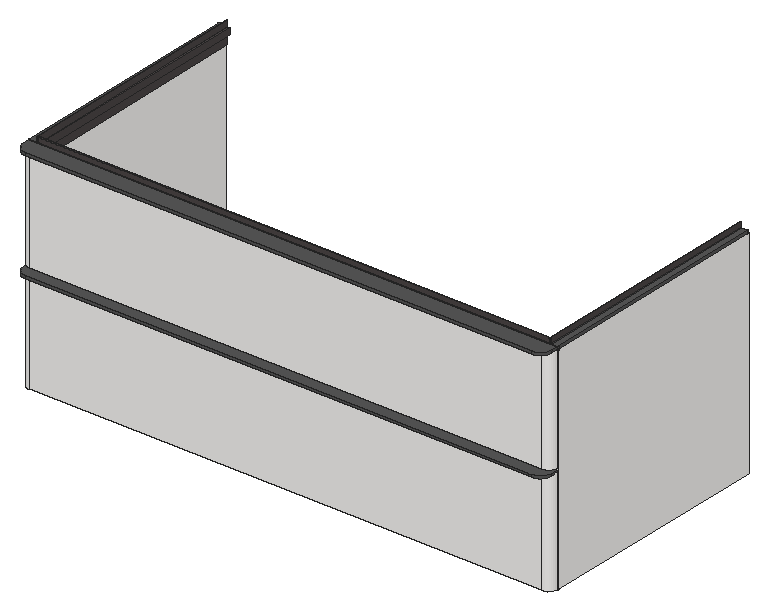
Revit family "vanity unit with 2 drawers for consoles with bowl", category Furniture, Revit 2019 (continued)
  Vanity unit 780_550 with 2 drawers for consoles with bowl-54075670-Diamond Matt Grey-MATT_BLACK-400 | "31.3" | no | no | no | no | no | no | no | no | no | no | no | no | no | no | no | no | no | no | no | no | no | no | no | no | no | no | no | no | no | no | no | no | no | no | no | no | no | no | yes | no | no | no | no | no | no | no | no | no | no | no | no | no | no | no | no | no | no | no | no | no | no | no | no | no | no | no | no | no | no | no | no | no | "MATT_BLACK" | "https://pro.hansgrohe.com/articledetail--54075000" | "54075XXX" | "Diamond Matt Grey" | "Vanity unit 780/550 with 2 drawers for consoles with bowl-54075670-Diamond Matt Grey-MATT_BLACK-400" | "Xelu Q Vanity unit Diamond Matt Grey 780/550 with 2 drawers for consoles with bowl" | "Vanity unit 780/550 with 2 drawers for consoles with bowl-54075670-Diamond Matt Grey-MATT_BLACK-400" | "{$CADENAS_DATA/23d-libs/hansgrohe/xelu_furniture/vanity_unit_2_drawers_for_consoles_with_bowl/vanity_unit_2_drawers_for_consoles_with_bowl.prj},390 {VTYP=3D},{NB=Vanity unit 780/550 with 2 drawers for consoles with bowl-54075670-Diamond Matt Grey-MATT_BLACK-400},{LINA=Vanity unit 780/550 with 2 drawers for consoles with bowl-54075670-Diamond Matt Grey-MATT_BLACK-400},{NN=Vanity unit with 2 drawers for consoles with bowl},{DATE=13.03.2023 03:03:55},{GEOMDATE=08.03.2023 13:53:52},{VERSION=},{LINEID=300},{WBVAR=LODLEVEL},{WBNUMERIC=}  {NB=Vanity unit 780/550 with 2 drawers for consoles with bowl-54075670-Diamond Matt Grey-MATT_BLACK-400},{LINA=Vanity unit 780/550 with 2 drawers for consoles with bowl-54075670-Diamond Matt Grey-MATT_BLACK-400},{KT=DUMMY},{IDNR=6},{ARTNR=54075670},{BASENUMBER=Vanity unit 780/550 with 2 drawers for consoles with bowl},{MODEL=54075XXX},{OBERFLAECHE=Diamond Matt Grey},{SURFACE=MATT_BLACK},{L=780},{LODLEVEL=400},{LODLEVELX='400','400','200','200'},{NAME=Xelu Q Vanity unit Diamond Matt Grey 780/550 with 2 drawers for consoles with bowl},{PERMALINK=54075XXX},{OBJECTTYPE=Object (single object)},{BIMOBJECT=Sanitary: Compound units},{PRODUCTFAMILY=Xelu Q},{PRODUCTGROUP=vanity unit},{WEIGHT=31.3},{DESCRIPTION=Xelu Q Vanity unit Diamond Matt Grey 780/550 with 2 drawers for consoles with bowl},{SPECIFICATION=},{PRODUCTURL=https://pro.hansgrohe.com/articledetail--54075000},{GTINCODE=4059625456507},{TENDERURL=},{IFC=Furnishing element},{ETIM=EC011381 | Bathroom furniture set},{UNICLASS2015=Pr_40_30_78_05 | Bathroom furniture},{OMNICLASS=23-21 19 15 33 13 | Residential Bathroom Specialty Casework},{MASTERFORMAT=12 35 30.23 | Bathroom Casework},{UNSPSC=56 | Furniture and Furnishings},{UNIFORMATII=E2010 | Fixed Furnishings},{DESIGN=Germany},{MANUFACTURER=Germany},{REGIONSET=Worldwide}" | "400" | "Vanity unit 780/550 with 2 drawers for consoles with bowl-54075670-Diamond Matt Grey-MATT_BLACK-400" | 780 | "4059625456507" | "Vanity unit 780/550 with 2 drawers for consoles with bowl" | "54075670"
  Vanity unit 780_550 with 2 drawers for consoles with bowl-54075700-Diamond Matt Grey-MATT_WHITE-200 | "31.3" | no | no | no | no | no | no | no | no | no | no | no | no | no | no | no | no | no | no | no | no | no | no | no | no | no | no | no | no | no | no | no | no | no | no | no | no | no | yes | no | no | no | no | no | no | no | no | no | no | no | no | no | no | no | no | no | no | no | no | no | no | no | no | no | no | no | no | no | no | no | no | no | no | "MATT_WHITE" | "https://pro.hansgrohe.com/articledetail--54075000" | "54075XXX" | "Diamond Matt Grey" | "Vanity unit 780/550 with 2 drawers for consoles with bowl-54075700-Diamond Matt Grey-MATT_WHITE-200" | "Xelu Q Vanity unit Diamond Matt Grey 780/550 with 2 drawers for consoles with bowl" | "Vanity unit 780/550 with 2 drawers for consoles with bowl-54075700-Diamond Matt Grey-MATT_WHITE-200" | "{$CADENAS_DATA/23d-libs/hansgrohe/xelu_furniture/vanity_unit_2_drawers_for_consoles_with_bowl/vanity_unit_2_drawers_for_consoles_with_bowl.prj},390 {VTYP=3D},{NB=Vanity unit 780/550 with 2 drawers for consoles with bowl-54075700-Diamond Matt Grey-MATT_WHITE-200},{LINA=Vanity unit 780/550 with 2 drawers for consoles with bowl-54075700-Diamond Matt Grey-MATT_WHITE-200},{NN=Vanity unit with 2 drawers for consoles with bowl},{DATE=13.03.2023 03:03:55},{GEOMDATE=08.03.2023 13:53:52},{VERSION=},{LINEID=290},{WBVAR=LODLEVEL},{WBNUMERIC=}  {NB=Vanity unit 780/550 with 2 drawers for consoles with bowl-54075700-Diamond Matt Grey-MATT_WHITE-200},{LINA=Vanity unit 780/550 with 2 drawers for consoles with bowl-54075700-Diamond Matt Grey-MATT_WHITE-200},{KT=DUMMY},{IDNR=5},{ARTNR=54075700},{BASENUMBER=Vanity unit 780/550 with 2 drawers for consoles with bowl},{MODEL=54075XXX},{OBERFLAECHE=Diamond Matt Grey},{SURFACE=MATT_WHITE},{L=780},{LODLEVEL=200},{LODLEVELX='400','400','200','200'},{NAME=Xelu Q Vanity unit Diamond Matt Grey 780/550 with 2 drawers for consoles with bowl},{PERMALINK=54075XXX},{OBJECTTYPE=Object (single object)},{BIMOBJECT=Sanitary: Compound units},{PRODUCTFAMILY=Xelu Q},{PRODUCTGROUP=vanity unit},{WEIGHT=31.3},{DESCRIPTION=Xelu Q Vanity unit Diamond Matt Grey 780/550 with 2 drawers for consoles with bowl},{SPECIFICATION=},{PRODUCTURL=https://pro.hansgrohe.com/articledetail--54075000},{GTINCODE=4059625456507},{TENDERURL=},{IFC=Furnishing element},{ETIM=EC011381 | Bathroom furniture set},{UNICLASS2015=Pr_40_30_78_05 | Bathroom furniture},{OMNICLASS=23-21 19 15 33 13 | Residential Bathroom Specialty Casework},{MASTERFORMAT=12 35 30.23 | Bathroom Casework},{UNSPSC=56 | Furniture and Furnishings},{UNIFORMATII=E2010 | Fixed Furnishings},{DESIGN=Germany},{MANUFACTURER=Germany},{REGIONSET=Worldwide}" | "200" | "Vanity unit 780/550 with 2 drawers for consoles with bowl-54075700-Diamond Matt Grey-MATT_WHITE-200" | 780 | "4059625456507" | "Vanity unit 780/550 with 2 drawers for consoles with bowl" | "54075700"
  Vanity unit 780_550 with 2 drawers for consoles with bowl-54075700-Diamond Matt Grey-MATT_WHITE-400 | "31.3" | no | no | no | no | no | no | no | no | no | no | no | no | no | no | no | no | no | no | no | no | no | no | no | no | no | no | no | no | no | no | no | no | no | no | no | no | yes | no | no | no | no | no | no | no | no | no | no | no | no | no | no | no | no | no | no | no | no | no | no | no | no | no | no | no | no | no | no | no | no | no | no | no | "MATT_WHITE" | "https://pro.hansgrohe.com/articledetail--54075000" | "54075XXX" | "Diamond Matt Grey" | "Vanity unit 780/550 with 2 drawers for consoles with bowl-54075700-Diamond Matt Grey-MATT_WHITE-400" | "Xelu Q Vanity unit Diamond Matt Grey 780/550 with 2 drawers for consoles with bowl" | "Vanity unit 780/550 with 2 drawers for consoles with bowl-54075700-Diamond Matt Grey-MATT_WHITE-400" | "{$CADENAS_DATA/23d-libs/hansgrohe/xelu_furniture/vanity_unit_2_drawers_for_consoles_with_bowl/vanity_unit_2_drawers_for_consoles_with_bowl.prj},390 {VTYP=3D},{NB=Vanity unit 780/550 with 2 drawers for consoles with bowl-54075700-Diamond Matt Grey-MATT_WHITE-400},{LINA=Vanity unit 780/550 with 2 drawers for consoles with bowl-54075700-Diamond Matt Grey-MATT_WHITE-400},{NN=Vanity unit with 2 drawers for consoles with bowl},{DATE=13.03.2023 03:03:55},{GEOMDATE=08.03.2023 13:53:52},{VERSION=},{LINEID=290},{WBVAR=LODLEVEL},{WBNUMERIC=}  {NB=Vanity unit 780/550 with 2 drawers for consoles with bowl-54075700-Diamond Matt Grey-MATT_WHITE-400},{LINA=Vanity unit 780/550 with 2 drawers for consoles with bowl-54075700-Diamond Matt Grey-MATT_WHITE-400},{KT=DUMMY},{IDNR=5},{ARTNR=54075700},{BASENUMBER=Vanity unit 780/550 with 2 drawers for consoles with bowl},{MODEL=54075XXX},{OBERFLAECHE=Diamond Matt Grey},{SURFACE=MATT_WHITE},{L=780},{LODLEVEL=400},{LODLEVELX='400','400','200','200'},{NAME=Xelu Q Vanity unit Diamond Matt Grey 780/550 with 2 drawers for consoles with bowl},{PERMALINK=54075XXX},{OBJECTTYPE=Object (single object)},{BIMOBJECT=Sanitary: Compound units},{PRODUCTFAMILY=Xelu Q},{PRODUCTGROUP=vanity unit},{WEIGHT=31.3},{DESCRIPTION=Xelu Q Vanity unit Diamond Matt Grey 780/550 with 2 drawers for consoles with bowl},{SPECIFICATION=},{PRODUCTURL=https://pro.hansgrohe.com/articledetail--54075000},{GTINCODE=4059625456507},{TENDERURL=},{IFC=Furnishing element},{ETIM=EC011381 | Bathroom furniture set},{UNICLASS2015=Pr_40_30_78_05 | Bathroom furniture},{OMNICLASS=23-21 19 15 33 13 | Residential Bathroom Specialty Casework},{MASTERFORMAT=12 35 30.23 | Bathroom Casework},{UNSPSC=56 | Furniture and Furnishings},{UNIFORMATII=E2010 | Fixed Furnishings},{DESIGN=Germany},{MANUFACTURER=Germany},{REGIONSET=Worldwide}" | "400" | "Vanity unit 780/550 with 2 drawers for consoles with bowl-54075700-Diamond Matt Grey-MATT_WHITE-400" | 780 | "4059625456507" | "Vanity unit 780/550 with 2 drawers for consoles with bowl" | "54075700"
  Vanity unit 780_550 with 2 drawers for consoles with bowl-54076000-Natural Oak-CHROME-200 | "31.3" | no | no | no | no | no | no | no | no | no | no | no | no | no | no | no | no | no | no | no | no | no | no | no | no | no | no | no | no | no | no | no | no | no | no | no | yes | no | no | no | no | no | no | no | no | no | no | no | no | no | no | no | no | no | no | no | no | no | no | no | no | no | no | no | no | no | no | no | no | no | no | no | no | "CHROME" | "https://pro.hansgrohe.com/articledetail--54076000" | "54076XXX" | "Natural Oak" | "Vanity unit 780/550 with 2 drawers for consoles with bowl-54076000-Natural Oak-CHROME-200" | "Xelu Q Vanity unit Natural Oak 780/550 with 2 drawers for consoles with bowl" | "Vanity unit 780/550 with 2 drawers for consoles with bowl-54076000-Natural Oak-CHROME-200" | "{$CADENAS_DATA/23d-libs/hansgrohe/xelu_furniture/vanity_unit_2_drawers_for_consoles_with_bowl/vanity_unit_2_drawers_for_consoles_with_bowl.prj},370 {VTYP=3D},{NB=Vanity unit 780/550 with 2 drawers for consoles with bowl-54076000-Natural Oak-CHROME-200},{LINA=Vanity unit 780/550 with 2 drawers for consoles with bowl-54076000-Natural Oak-CHROME-200},{NN=Vanity unit with 2 drawers for consoles with bowl},{DATE=13.03.2023 03:03:55},{GEOMDATE=08.03.2023 13:53:52},{VERSION=},{LINEID=320},{WBVAR=LODLEVEL},{WBNUMERIC=}  {NB=Vanity unit 780/550 with 2 drawers for consoles with bowl-54076000-Natural Oak-CHROME-200},{LINA=Vanity unit 780/550 with 2 drawers for consoles with bowl-54076000-Natural Oak-CHROME-200},{KT=DUMMY},{IDNR=8},{ARTNR=54076000},{BASENUMBER=Vanity unit 780/550 with 2 drawers for consoles with bowl},{MODEL=54076XXX},{OBERFLAECHE=Natural Oak},{SURFACE=CHROME},{L=780},{LODLEVEL=200},{LODLEVELX='400','400','200','200'},{NAME=Xelu Q Vanity unit Natural Oak 780/550 with 2 drawers for consoles with bowl},{PERMALINK=54076XXX},{OBJECTTYPE=Object (single object)},{BIMOBJECT=Sanitary: Compound units},{PRODUCTFAMILY=Xelu Q},{PRODUCTGROUP=vanity unit},{WEIGHT=31.3},{DESCRIPTION=Xelu Q Vanity unit Natural Oak 780/550 with 2 drawers for consoles with bowl},{SPECIFICATION=},{PRODUCTURL=https://pro.hansgrohe.com/articledetail--54076000},{GTINCODE=4059625456477},{TENDERURL=},{IFC=Furnishing element},{ETIM=EC011381 | Bathroom furniture set},{UNICLASS2015=Pr_40_30_78_05 | Bathroom furniture},{OMNICLASS=23-21 19 15 33 13 | Residential Bathroom Specialty Casework},{MASTERFORMAT=12 35 30.23 | Bathroom Casework},{UNSPSC=56 | Furniture and Furnishings},{UNIFORMATII=E2010 | Fixed Furnishings},{DESIGN=Germany},{MANUFACTURER=Germany},{REGIONSET=Worldwide}" | "200" | "Vanity unit 780/550 with 2 drawers for consoles with bowl-54076000-Natural Oak-CHROME-200" | 780 | "4059625456477" | "Vanity unit 780/550 with 2 drawers for consoles with bowl" | "54076000"
  Vanity unit 780_550 with 2 drawers for consoles with bowl-54076000-Natural Oak-CHROME-400 | "31.3" | no | no | no | no | no | no | no | no | no | no | no | no | no | no | no | no | no | no | no | no | no | no | no | no | no | no | no | no | no | no | no | no | no | no | yes | no | no | no | no | no | no | no | no | no | no | no | no | no | no | no | no | no | no | no | no | no | no | no | no | no | no | no | no | no | no | no | no | no | no | no | no | no | "CHROME" | "https://pro.hansgrohe.com/articledetail--54076000" | "54076XXX" | "Natural Oak" | "Vanity unit 780/550 with 2 drawers for consoles with bowl-54076000-Natural Oak-CHROME-400" | "Xelu Q Vanity unit Natural Oak 780/550 with 2 drawers for consoles with bowl" | "Vanity unit 780/550 with 2 drawers for consoles with bowl-54076000-Natural Oak-CHROME-400" | "{$CADENAS_DATA/23d-libs/hansgrohe/xelu_furniture/vanity_unit_2_drawers_for_consoles_with_bowl/vanity_unit_2_drawers_for_consoles_with_bowl.prj},370 {VTYP=3D},{NB=Vanity unit 780/550 with 2 drawers for consoles with bowl-54076000-Natural Oak-CHROME-400},{LINA=Vanity unit 780/550 with 2 drawers for consoles with bowl-54076000-Natural Oak-CHROME-400},{NN=Vanity unit with 2 drawers for consoles with bowl},{DATE=13.03.2023 03:03:55},{GEOMDATE=08.03.2023 13:53:52},{VERSION=},{LINEID=320},{WBVAR=LODLEVEL},{WBNUMERIC=}  {NB=Vanity unit 780/550 with 2 drawers for consoles with bowl-54076000-Natural Oak-CHROME-400},{LINA=Vanity unit 780/550 with 2 drawers for consoles with bowl-54076000-Natural Oak-CHROME-400},{KT=DUMMY},{IDNR=8},{ARTNR=54076000},{BASENUMBER=Vanity unit 780/550 with 2 drawers for consoles with bowl},{MODEL=54076XXX},{OBERFLAECHE=Natural Oak},{SURFACE=CHROME},{L=780},{LODLEVEL=400},{LODLEVELX='400','400','200','200'},{NAME=Xelu Q Vanity unit Natural Oak 780/550 with 2 drawers for consoles with bowl},{PERMALINK=54076XXX},{OBJECTTYPE=Object (single object)},{BIMOBJECT=Sanitary: Compound units},{PRODUCTFAMILY=Xelu Q},{PRODUCTGROUP=vanity unit},{WEIGHT=31.3},{DESCRIPTION=Xelu Q Vanity unit Natural Oak 780/550 with 2 drawers for consoles with bowl},{SPECIFICATION=},{PRODUCTURL=https://pro.hansgrohe.com/articledetail--54076000},{GTINCODE=4059625456477},{TENDERURL=},{IFC=Furnishing element},{ETIM=EC011381 | Bathroom furniture set},{UNICLASS2015=Pr_40_30_78_05 | Bathroom furniture},{OMNICLASS=23-21 19 15 33 13 | Residential Bathroom Specialty Casework},{MASTERFORMAT=12 35 30.23 | Bathroom Casework},{UNSPSC=56 | Furniture and Furnishings},{UNIFORMATII=E2010 | Fixed Furnishings},{DESIGN=Germany},{MANUFACTURER=Germany},{REGIONSET=Worldwide}" | "400" | "Vanity unit 780/550 with 2 drawers for consoles with bowl-54076000-Natural Oak-CHROME-400" | 780 | "4059625456477" | "Vanity unit 780/550 with 2 drawers for consoles with bowl" | "54076000"
  Vanity unit 780_550 with 2 drawers for consoles with bowl-54076670-Natural Oak-MATT_BLACK-200 | "31.3" | no | no | no | no | no | no | no | no | no | no | no | no | no | no | no | no | no | no | no | no | no | no | no | no | no | no | no | no | no | no | no | no | no | yes | no | no | no | no | no | no | no | no | no | no | no | no | no | no | no | no | no | no | no | no | no | no | no | no | no | no | no | no | no | no | no | no | no | no | no | no | no | no | "MATT_BLACK" | "https://pro.hansgrohe.com/articledetail--54076000" | "54076XXX" | "Natural Oak" | "Vanity unit 780/550 with 2 drawers for consoles with bowl-54076670-Natural Oak-MATT_BLACK-200" | "Xelu Q Vanity unit Natural Oak 780/550 with 2 drawers for consoles with bowl" | "Vanity unit 780/550 with 2 drawers for consoles with bowl-54076670-Natural Oak-MATT_BLACK-200" | "{$CADENAS_DATA/23d-libs/hansgrohe/xelu_furniture/vanity_unit_2_drawers_for_consoles_with_bowl/vanity_unit_2_drawers_for_consoles_with_bowl.prj},378 {VTYP=3D},{NB=Vanity unit 780/550 with 2 drawers for consoles with bowl-54076670-Natural Oak-MATT_BLACK-200},{LINA=Vanity unit 780/550 with 2 drawers for consoles with bowl-54076670-Natural Oak-MATT_BLACK-200},{NN=Vanity unit with 2 drawers for consoles with bowl},{DATE=13.03.2023 03:03:55},{GEOMDATE=08.03.2023 13:53:52},{VERSION=},{LINEID=310},{WBVAR=LODLEVEL},{WBNUMERIC=}  {NB=Vanity unit 780/550 with 2 drawers for consoles with bowl-54076670-Natural Oak-MATT_BLACK-200},{LINA=Vanity unit 780/550 with 2 drawers for consoles with bowl-54076670-Natural Oak-MATT_BLACK-200},{KT=DUMMY},{IDNR=7},{ARTNR=54076670},{BASENUMBER=Vanity unit 780/550 with 2 drawers for consoles with bowl},{MODEL=54076XXX},{OBERFLAECHE=Natural Oak},{SURFACE=MATT_BLACK},{L=780},{LODLEVEL=200},{LODLEVELX='400','400','200','200'},{NAME=Xelu Q Vanity unit Natural Oak 780/550 with 2 drawers for consoles with bowl},{PERMALINK=54076XXX},{OBJECTTYPE=Object (single object)},{BIMOBJECT=Sanitary: Compound units},{PRODUCTFAMILY=Xelu Q},{PRODUCTGROUP=vanity unit},{WEIGHT=31.3},{DESCRIPTION=Xelu Q Vanity unit Natural Oak 780/550 with 2 drawers for consoles with bowl},{SPECIFICATION=},{PRODUCTURL=https://pro.hansgrohe.com/articledetail--54076000},{GTINCODE=4059625456477},{TENDERURL=},{IFC=Furnishing element},{ETIM=EC011381 | Bathroom furniture set},{UNICLASS2015=Pr_40_30_78_05 | Bathroom furniture},{OMNICLASS=23-21 19 15 33 13 | Residential Bathroom Specialty Casework},{MASTERFORMAT=12 35 30.23 | Bathroom Casework},{UNSPSC=56 | Furniture and Furnishings},{UNIFORMATII=E2010 | Fixed Furnishings},{DESIGN=Germany},{MANUFACTURER=Germany},{REGIONSET=Worldwide}" | "200" | "Vanity unit 780/550 with 2 drawers for consoles with bowl-54076670-Natural Oak-MATT_BLACK-200" | 780 | "4059625456477" | "Vanity unit 780/550 with 2 drawers for consoles with bowl" | "54076670"
  Vanity unit 780_550 with 2 drawers for consoles with bowl-54076670-Natural Oak-MATT_BLACK-400 | "31.3" | no | no | no | no | no | no | no | no | no | no | no | no | no | no | no | no | no | no | no | no | no | no | no | no | no | no | no | no | no | no | no | no | yes | no | no | no | no | no | no | no | no | no | no | no | no | no | no | no | no | no | no | no | no | no | no | no | no | no | no | no | no | no | no | no | no | no | no | no | no | no | no | no | "MATT_BLACK" | "https://pro.hansgrohe.com/articledetail--54076000" | "54076XXX" | "Natural Oak" | "Vanity unit 780/550 with 2 drawers for consoles with bowl-54076670-Natural Oak-MATT_BLACK-400" | "Xelu Q Vanity unit Natural Oak 780/550 with 2 drawers for consoles with bowl" | "Vanity unit 780/550 with 2 drawers for consoles with bowl-54076670-Natural Oak-MATT_BLACK-400" | "{$CADENAS_DATA/23d-libs/hansgrohe/xelu_furniture/vanity_unit_2_drawers_for_consoles_with_bowl/vanity_unit_2_drawers_for_consoles_with_bowl.prj},378 {VTYP=3D},{NB=Vanity unit 780/550 with 2 drawers for consoles with bowl-54076670-Natural Oak-MATT_BLACK-400},{LINA=Vanity unit 780/550 with 2 drawers for consoles with bowl-54076670-Natural Oak-MATT_BLACK-400},{NN=Vanity unit with 2 drawers for consoles with bowl},{DATE=13.03.2023 03:03:55},{GEOMDATE=08.03.2023 13:53:52},{VERSION=},{LINEID=310},{WBVAR=LODLEVEL},{WBNUMERIC=}  {NB=Vanity unit 780/550 with 2 drawers for consoles with bowl-54076670-Natural Oak-MATT_BLACK-400},{LINA=Vanity unit 780/550 with 2 drawers for consoles with bowl-54076670-Natural Oak-MATT_BLACK-400},{KT=DUMMY},{IDNR=7},{ARTNR=54076670},{BASENUMBER=Vanity unit 780/550 with 2 drawers for consoles with bowl},{MODEL=54076XXX},{OBERFLAECHE=Natural Oak},{SURFACE=MATT_BLACK},{L=780},{LODLEVEL=400},{LODLEVELX='400','400','200','200'},{NAME=Xelu Q Vanity unit Natural Oak 780/550 with 2 drawers for consoles with bowl},{PERMALINK=54076XXX},{OBJECTTYPE=Object (single object)},{BIMOBJECT=Sanitary: Compound units},{PRODUCTFAMILY=Xelu Q},{PRODUCTGROUP=vanity unit},{WEIGHT=31.3},{DESCRIPTION=Xelu Q Vanity unit Natural Oak 780/550 with 2 drawers for consoles with bowl},{SPECIFICATION=},{PRODUCTURL=https://pro.hansgrohe.com/articledetail--54076000},{GTINCODE=4059625456477},{TENDERURL=},{IFC=Furnishing element},{ETIM=EC011381 | Bathroom furniture set},{UNICLASS2015=Pr_40_30_78_05 | Bathroom furniture},{OMNICLASS=23-21 19 15 33 13 | Residential Bathroom Specialty Casework},{MASTERFORMAT=12 35 30.23 | Bathroom Casework},{UNSPSC=56 | Furniture and Furnishings},{UNIFORMATII=E2010 | Fixed Furnishings},{DESIGN=Germany},{MANUFACTURER=Germany},{REGIONSET=Worldwide}" | "400" | "Vanity unit 780/550 with 2 drawers for consoles with bowl-54076670-Natural Oak-MATT_BLACK-400" | 780 | "4059625456477" | "Vanity unit 780/550 with 2 drawers for consoles with bowl" | "54076670"
  Vanity unit 780_550 with 2 drawers for consoles with bowl-54076700-Natural Oak-MATT_WHITE-200 | "31.3" | no | no | no | no | no | no | no | no | no | no | no | no | no | no | no | no | no | no | no | no | no | no | no | no | no | no | no | no | no | no | no | yes | no | no | no | no | no | no | no | no | no | no | no | no | no | no | no | no | no | no | no | no | no | no | no | no | no | no | no | no | no | no | no | no | no | no | no | no | no | no | no | no | "MATT_WHITE" | "https://pro.hansgrohe.com/articledetail--54076000" | "54076XXX" | "Natural Oak" | "Vanity unit 780/550 with 2 drawers for consoles with bowl-54076700-Natural Oak-MATT_WHITE-200" | "Xelu Q Vanity unit Natural Oak 780/550 with 2 drawers for consoles with bowl" | "Vanity unit 780/550 with 2 drawers for consoles with bowl-54076700-Natural Oak-MATT_WHITE-200" | "{$CADENAS_DATA/23d-libs/hansgrohe/xelu_furniture/vanity_unit_2_drawers_for_consoles_with_bowl/vanity_unit_2_drawers_for_consoles_with_bowl.prj},378 {VTYP=3D},{NB=Vanity unit 780/550 with 2 drawers for consoles with bowl-54076700-Natural Oak-MATT_WHITE-200},{LINA=Vanity unit 780/550 with 2 drawers for consoles with bowl-54076700-Natural Oak-MATT_WHITE-200},{NN=Vanity unit with 2 drawers for consoles with bowl},{DATE=13.03.2023 03:03:55},{GEOMDATE=08.03.2023 13:53:52},{VERSION=},{LINEID=330},{WBVAR=LODLEVEL},{WBNUMERIC=}  {NB=Vanity unit 780/550 with 2 drawers for consoles with bowl-54076700-Natural Oak-MATT_WHITE-200},{LINA=Vanity unit 780/550 with 2 drawers for consoles with bowl-54076700-Natural Oak-MATT_WHITE-200},{KT=DUMMY},{IDNR=9},{ARTNR=54076700},{BASENUMBER=Vanity unit 780/550 with 2 drawers for consoles with bowl},{MODEL=54076XXX},{OBERFLAECHE=Natural Oak},{SURFACE=MATT_WHITE},{L=780},{LODLEVEL=200},{LODLEVELX='400','400','200','200'},{NAME=Xelu Q Vanity unit Natural Oak 780/550 with 2 drawers for consoles with bowl},{PERMALINK=54076XXX},{OBJECTTYPE=Object (single object)},{BIMOBJECT=Sanitary: Compound units},{PRODUCTFAMILY=Xelu Q},{PRODUCTGROUP=vanity unit},{WEIGHT=31.3},{DESCRIPTION=Xelu Q Vanity unit Natural Oak 780/550 with 2 drawers for consoles with bowl},{SPECIFICATION=},{PRODUCTURL=https://pro.hansgrohe.com/articledetail--54076000},{GTINCODE=4059625456477},{TENDERURL=},{IFC=Furnishing element},{ETIM=EC011381 | Bathroom furniture set},{UNICLASS2015=Pr_40_30_78_05 | Bathroom furniture},{OMNICLASS=23-21 19 15 33 13 | Residential Bathroom Specialty Casework},{MASTERFORMAT=12 35 30.23 | Bathroom Casework},{UNSPSC=56 | Furniture and Furnishings},{UNIFORMATII=E2010 | Fixed Furnishings},{DESIGN=Germany},{MANUFACTURER=Germany},{REGIONSET=Worldwide}" | "200" | "Vanity unit 780/550 with 2 drawers for consoles with bowl-54076700-Natural Oak-MATT_WHITE-200" | 780 | "4059625456477" | "Vanity unit 780/550 with 2 drawers for consoles with bowl" | "54076700"
  Vanity unit 780_550 with 2 drawers for consoles with bowl-54076700-Natural Oak-MATT_WHITE-400 | "31.3" | no | no | no | no | no | no | no | no | no | no | no | no | no | no | no | no | no | no | no | no | no | no | no | no | no | no | no | no | no | no | yes | no | no | no | no | no | no | no | no | no | no | no | no | no | no | no | no | no | no | no | no | no | no | no | no | no | no | no | no | no | no | no | no | no | no | no | no | no | no | no | no | no | "MATT_WHITE" | "https://pro.hansgrohe.com/articledetail--54076000" | "54076XXX" | "Natural Oak" | "Vanity unit 780/550 with 2 drawers for consoles with bowl-54076700-Natural Oak-MATT_WHITE-400" | "Xelu Q Vanity unit Natural Oak 780/550 with 2 drawers for consoles with bowl" | "Vanity unit 780/550 with 2 drawers for consoles with bowl-54076700-Natural Oak-MATT_WHITE-400" | "{$CADENAS_DATA/23d-libs/hansgrohe/xelu_furniture/vanity_unit_2_drawers_for_consoles_with_bowl/vanity_unit_2_drawers_for_consoles_with_bowl.prj},378 {VTYP=3D},{NB=Vanity unit 780/550 with 2 drawers for consoles with bowl-54076700-Natural Oak-MATT_WHITE-400},{LINA=Vanity unit 780/550 with 2 drawers for consoles with bowl-54076700-Natural Oak-MATT_WHITE-400},{NN=Vanity unit with 2 drawers for consoles with bowl},{DATE=13.03.2023 03:03:55},{GEOMDATE=08.03.2023 13:53:52},{VERSION=},{LINEID=330},{WBVAR=LODLEVEL},{WBNUMERIC=}  {NB=Vanity unit 780/550 with 2 drawers for consoles with bowl-54076700-Natural Oak-MATT_WHITE-400},{LINA=Vanity unit 780/550 with 2 drawers for consoles with bowl-54076700-Natural Oak-MATT_WHITE-400},{KT=DUMMY},{IDNR=9},{ARTNR=54076700},{BASENUMBER=Vanity unit 780/550 with 2 drawers for consoles with bowl},{MODEL=54076XXX},{OBERFLAECHE=Natural Oak},{SURFACE=MATT_WHITE},{L=780},{LODLEVEL=400},{LODLEVELX='400','400','200','200'},{NAME=Xelu Q Vanity unit Natural Oak 780/550 with 2 drawers for consoles with bowl},{PERMALINK=54076XXX},{OBJECTTYPE=Object (single object)},{BIMOBJECT=Sanitary: Compound units},{PRODUCTFAMILY=Xelu Q},{PRODUCTGROUP=vanity unit},{WEIGHT=31.3},{DESCRIPTION=Xelu Q Vanity unit Natural Oak 780/550 with 2 drawers for consoles with bowl},{SPECIFICATION=},{PRODUCTURL=https://pro.hansgrohe.com/articledetail--54076000},{GTINCODE=4059625456477},{TENDERURL=},{IFC=Furnishing element},{ETIM=EC011381 | Bathroom furniture set},{UNICLASS2015=Pr_40_30_78_05 | Bathroom furniture},{OMNICLASS=23-21 19 15 33 13 | Residential Bathroom Specialty Casework},{MASTERFORMAT=12 35 30.23 | Bathroom Casework},{UNSPSC=56 | Furniture and Furnishings},{UNIFORMATII=E2010 | Fixed Furnishings},{DESIGN=Germany},{MANUFACTURER=Germany},{REGIONSET=Worldwide}" | "400" | "Vanity unit 780/550 with 2 drawers for consoles with bowl-54076700-Natural Oak-MATT_WHITE-400" | 780 | "4059625456477" | "Vanity unit 780/550 with 2 drawers for consoles with bowl" | "54076700"
  Vanity unit 780_550 with 2 drawers for consoles with bowl-54077000-Dark Walnut-CHROME-200 | "31.3" | no | no | no | no | no | no | no | no | no | no | no | no | no | no | no | no | no | no | no | no | no | no | no | no | no | no | no | no | no | yes | no | no | no | no | no | no | no | no | no | no | no | no | no | no | no | no | no | no | no | no | no | no | no | no | no | no | no | no | no | no | no | no | no | no | no | no | no | no | no | no | no | no | "CHROME" | "https://pro.hansgrohe.com/articledetail--54077000" | "54077XXX" | "Dark Walnut" | "Vanity unit 780/550 with 2 drawers for consoles with bowl-54077000-Dark Walnut-CHROME-200" | "Xelu Q Vanity unit Dark Walnut 780/550 with 2 drawers for consoles with bowl" | "Vanity unit 780/550 with 2 drawers for consoles with bowl-54077000-Dark Walnut-CHROME-200" | "{$CADENAS_DATA/23d-libs/hansgrohe/xelu_furniture/vanity_unit_2_drawers_for_consoles_with_bowl/vanity_unit_2_drawers_for_consoles_with_bowl.prj},370 {VTYP=3D},{NB=Vanity unit 780/550 with 2 drawers for consoles with bowl-54077000-Dark Walnut-CHROME-200},{LINA=Vanity unit 780/550 with 2 drawers for consoles with bowl-54077000-Dark Walnut-CHROME-200},{NN=Vanity unit with 2 drawers for consoles with bowl},{DATE=13.03.2023 03:03:55},{GEOMDATE=08.03.2023 13:53:52},{VERSION=},{LINEID=350},{WBVAR=LODLEVEL},{WBNUMERIC=}  {NB=Vanity unit 780/550 with 2 drawers for consoles with bowl-54077000-Dark Walnut-CHROME-200},{LINA=Vanity unit 780/550 with 2 drawers for consoles with bowl-54077000-Dark Walnut-CHROME-200},{KT=DUMMY},{IDNR=11},{ARTNR=54077000},{BASENUMBER=Vanity unit 780/550 with 2 drawers for consoles with bowl},{MODEL=54077XXX},{OBERFLAECHE=Dark Walnut},{SURFACE=CHROME},{L=780},{LODLEVEL=200},{LODLEVELX='400','400','200','200'},{NAME=Xelu Q Vanity unit Dark Walnut 780/550 with 2 drawers for consoles with bowl},{PERMALINK=54077XXX},{OBJECTTYPE=Object (single object)},{BIMOBJECT=Sanitary: Compound units},{PRODUCTFAMILY=Xelu Q},{PRODUCTGROUP=vanity unit},{WEIGHT=31.3},{DESCRIPTION=Xelu Q Vanity unit Dark Walnut 780/550 with 2 drawers for consoles with bowl},{SPECIFICATION=},{PRODUCTURL=https://pro.hansgrohe.com/articledetail--54077000},{GTINCODE=4059625456446},{TENDERURL=},{IFC=Furnishing element},{ETIM=EC011381 | Bathroom furniture set},{UNICLASS2015=Pr_40_30_78_05 | Bathroom furniture},{OMNICLASS=23-21 19 15 33 13 | Residential Bathroom Specialty Casework},{MASTERFORMAT=12 35 30.23 | Bathroom Casework},{UNSPSC=56 | Furniture and Furnishings},{UNIFORMATII=E2010 | Fixed Furnishings},{DESIGN=Germany},{MANUFACTURER=Germany},{REGIONSET=Worldwide}" | "200" | "Vanity unit 780/550 with 2 drawers for consoles with bowl-54077000-Dark Walnut-CHROME-200" | 780 | "4059625456446" | "Vanity unit 780/550 with 2 drawers for consoles with bowl" | "54077000"
  Vanity unit 780_550 with 2 drawers for consoles with bowl-54077000-Dark Walnut-CHROME-400 | "31.3" | no | no | no | no | no | no | no | no | no | no | no | no | no | no | no | no | no | no | no | no | no | no | no | no | no | no | no | no | yes | no | no | no | no | no | no | no | no | no | no | no | no | no | no | no | no | no | no | no | no | no | no | no | no | no | no | no | no | no | no | no | no | no | no | no | no | no | no | no | no | no | no | no | "CHROME" | "https://pro.hansgrohe.com/articledetail--54077000" | "54077XXX" | "Dark Walnut" | "Vanity unit 780/550 with 2 drawers for consoles with bowl-54077000-Dark Walnut-CHROME-400" | "Xelu Q Vanity unit Dark Walnut 780/550 with 2 drawers for consoles with bowl" | "Vanity unit 780/550 with 2 drawers for consoles with bowl-54077000-Dark Walnut-CHROME-400" | "{$CADENAS_DATA/23d-libs/hansgrohe/xelu_furniture/vanity_unit_2_drawers_for_consoles_with_bowl/vanity_unit_2_drawers_for_consoles_with_bowl.prj},370 {VTYP=3D},{NB=Vanity unit 780/550 with 2 drawers for consoles with bowl-54077000-Dark Walnut-CHROME-400},{LINA=Vanity unit 780/550 with 2 drawers for consoles with bowl-54077000-Dark Walnut-CHROME-400},{NN=Vanity unit with 2 drawers for consoles with bowl},{DATE=13.03.2023 03:03:55},{GEOMDATE=08.03.2023 13:53:52},{VERSION=},{LINEID=350},{WBVAR=LODLEVEL},{WBNUMERIC=}  {NB=Vanity unit 780/550 with 2 drawers for consoles with bowl-54077000-Dark Walnut-CHROME-400},{LINA=Vanity unit 780/550 with 2 drawers for consoles with bowl-54077000-Dark Walnut-CHROME-400},{KT=DUMMY},{IDNR=11},{ARTNR=54077000},{BASENUMBER=Vanity unit 780/550 with 2 drawers for consoles with bowl},{MODEL=54077XXX},{OBERFLAECHE=Dark Walnut},{SURFACE=CHROME},{L=780},{LODLEVEL=400},{LODLEVELX='400','400','200','200'},{NAME=Xelu Q Vanity unit Dark Walnut 780/550 with 2 drawers for consoles with bowl},{PERMALINK=54077XXX},{OBJECTTYPE=Object (single object)},{BIMOBJECT=Sanitary: Compound units},{PRODUCTFAMILY=Xelu Q},{PRODUCTGROUP=vanity unit},{WEIGHT=31.3},{DESCRIPTION=Xelu Q Vanity unit Dark Walnut 780/550 with 2 drawers for consoles with bowl},{SPECIFICATION=},{PRODUCTURL=https://pro.hansgrohe.com/articledetail--54077000},{GTINCODE=4059625456446},{TENDERURL=},{IFC=Furnishing element},{ETIM=EC011381 | Bathroom furniture set},{UNICLASS2015=Pr_40_30_78_05 | Bathroom furniture},{OMNICLASS=23-21 19 15 33 13 | Residential Bathroom Specialty Casework},{MASTERFORMAT=12 35 30.23 | Bathroom Casework},{UNSPSC=56 | Furniture and Furnishings},{UNIFORMATII=E2010 | Fixed Furnishings},{DESIGN=Germany},{MANUFACTURER=Germany},{REGIONSET=Worldwide}" | "400" | "Vanity unit 780/550 with 2 drawers for consoles with bowl-54077000-Dark Walnut-CHROME-400" | 780 | "4059625456446" | "Vanity unit 780/550 with 2 drawers for consoles with bowl" | "54077000"
  Vanity unit 780_550 with 2 drawers for consoles with bowl-54077670-Dark Walnut-MATT_BLACK-200 | "31.3" | no | no | no | no | no | no | no | no | no | no | no | no | no | no | no | no | no | no | no | no | no | no | no | no | no | no | no | yes | no | no | no | no | no | no | no | no | no | no | no | no | no | no | no | no | no | no | no | no | no | no | no | no | no | no | no | no | no | no | no | no | no | no | no | no | no | no | no | no | no | no | no | no | "MATT_BLACK" | "https://pro.hansgrohe.com/articledetail--54077000" | "54077XXX" | "Dark Walnut" | "Vanity unit 780/550 with 2 drawers for consoles with bowl-54077670-Dark Walnut-MATT_BLACK-200" | "Xelu Q Vanity unit Dark Walnut 780/550 with 2 drawers for consoles with bowl" | "Vanity unit 780/550 with 2 drawers for consoles with bowl-54077670-Dark Walnut-MATT_BLACK-200" | "{$CADENAS_DATA/23d-libs/hansgrohe/xelu_furniture/vanity_unit_2_drawers_for_consoles_with_bowl/vanity_unit_2_drawers_for_consoles_with_bowl.prj},378 {VTYP=3D},{NB=Vanity unit 780/550 with 2 drawers for consoles with bowl-54077670-Dark Walnut-MATT_BLACK-200},{LINA=Vanity unit 780/550 with 2 drawers for consoles with bowl-54077670-Dark Walnut-MATT_BLACK-200},{NN=Vanity unit with 2 drawers for consoles with bowl},{DATE=13.03.2023 03:03:55},{GEOMDATE=08.03.2023 13:53:52},{VERSION=},{LINEID=360},{WBVAR=LODLEVEL},{WBNUMERIC=}  {NB=Vanity unit 780/550 with 2 drawers for consoles with bowl-54077670-Dark Walnut-MATT_BLACK-200},{LINA=Vanity unit 780/550 with 2 drawers for consoles with bowl-54077670-Dark Walnut-MATT_BLACK-200},{KT=DUMMY},{IDNR=12},{ARTNR=54077670},{BASENUMBER=Vanity unit 780/550 with 2 drawers for consoles with bowl},{MODEL=54077XXX},{OBERFLAECHE=Dark Walnut},{SURFACE=MATT_BLACK},{L=780},{LODLEVEL=200},{LODLEVELX='400','400','200','200'},{NAME=Xelu Q Vanity unit Dark Walnut 780/550 with 2 drawers for consoles with bowl},{PERMALINK=54077XXX},{OBJECTTYPE=Object (single object)},{BIMOBJECT=Sanitary: Compound units},{PRODUCTFAMILY=Xelu Q},{PRODUCTGROUP=vanity unit},{WEIGHT=31.3},{DESCRIPTION=Xelu Q Vanity unit Dark Walnut 780/550 with 2 drawers for consoles with bowl},{SPECIFICATION=},{PRODUCTURL=https://pro.hansgrohe.com/articledetail--54077000},{GTINCODE=4059625456446},{TENDERURL=},{IFC=Furnishing element},{ETIM=EC011381 | Bathroom furniture set},{UNICLASS2015=Pr_40_30_78_05 | Bathroom furniture},{OMNICLASS=23-21 19 15 33 13 | Residential Bathroom Specialty Casework},{MASTERFORMAT=12 35 30.23 | Bathroom Casework},{UNSPSC=56 | Furniture and Furnishings},{UNIFORMATII=E2010 | Fixed Furnishings},{DESIGN=Germany},{MANUFACTURER=Germany},{REGIONSET=Worldwide}" | "200" | "Vanity unit 780/550 with 2 drawers for consoles with bowl-54077670-Dark Walnut-MATT_BLACK-200" | 780 | "4059625456446" | "Vanity unit 780/550 with 2 drawers for consoles with bowl" | "54077670"
  Vanity unit 780_550 with 2 drawers for consoles with bowl-54077670-Dark Walnut-MATT_BLACK-400 | "31.3" | no | no | no | no | no | no | no | no | no | no | no | no | no | no | no | no | no | no | no | no | no | no | no | no | no | no | yes | no | no | no | no | no | no | no | no | no | no | no | no | no | no | no | no | no | no | no | no | no | no | no | no | no | no | no | no | no | no | no | no | no | no | no | no | no | no | no | no | no | no | no | no | no | "MATT_BLACK" | "https://pro.hansgrohe.com/articledetail--54077000" | "54077XXX" | "Dark Walnut" | "Vanity unit 780/550 with 2 drawers for consoles with bowl-54077670-Dark Walnut-MATT_BLACK-400" | "Xelu Q Vanity unit Dark Walnut 780/550 with 2 drawers for consoles with bowl" | "Vanity unit 780/550 with 2 drawers for consoles with bowl-54077670-Dark Walnut-MATT_BLACK-400" | "{$CADENAS_DATA/23d-libs/hansgrohe/xelu_furniture/vanity_unit_2_drawers_for_consoles_with_bowl/vanity_unit_2_drawers_for_consoles_with_bowl.prj},378 {VTYP=3D},{NB=Vanity unit 780/550 with 2 drawers for consoles with bowl-54077670-Dark Walnut-MATT_BLACK-400},{LINA=Vanity unit 780/550 with 2 drawers for consoles with bowl-54077670-Dark Walnut-MATT_BLACK-400},{NN=Vanity unit with 2 drawers for consoles with bowl},{DATE=13.03.2023 03:03:55},{GEOMDATE=08.03.2023 13:53:52},{VERSION=},{LINEID=360},{WBVAR=LODLEVEL},{WBNUMERIC=}  {NB=Vanity unit 780/550 with 2 drawers for consoles with bowl-54077670-Dark Walnut-MATT_BLACK-400},{LINA=Vanity unit 780/550 with 2 drawers for consoles with bowl-54077670-Dark Walnut-MATT_BLACK-400},{KT=DUMMY},{IDNR=12},{ARTNR=54077670},{BASENUMBER=Vanity unit 780/550 with 2 drawers for consoles with bowl},{MODEL=54077XXX},{OBERFLAECHE=Dark Walnut},{SURFACE=MATT_BLACK},{L=780},{LODLEVEL=400},{LODLEVELX='400','400','200','200'},{NAME=Xelu Q Vanity unit Dark Walnut 780/550 with 2 drawers for consoles with bowl},{PERMALINK=54077XXX},{OBJECTTYPE=Object (single object)},{BIMOBJECT=Sanitary: Compound units},{PRODUCTFAMILY=Xelu Q},{PRODUCTGROUP=vanity unit},{WEIGHT=31.3},{DESCRIPTION=Xelu Q Vanity unit Dark Walnut 780/550 with 2 drawers for consoles with bowl},{SPECIFICATION=},{PRODUCTURL=https://pro.hansgrohe.com/articledetail--54077000},{GTINCODE=4059625456446},{TENDERURL=},{IFC=Furnishing element},{ETIM=EC011381 | Bathroom furniture set},{UNICLASS2015=Pr_40_30_78_05 | Bathroom furniture},{OMNICLASS=23-21 19 15 33 13 | Residential Bathroom Specialty Casework},{MASTERFORMAT=12 35 30.23 | Bathroom Casework},{UNSPSC=56 | Furniture and Furnishings},{UNIFORMATII=E2010 | Fixed Furnishings},{DESIGN=Germany},{MANUFACTURER=Germany},{REGIONSET=Worldwide}" | "400" | "Vanity unit 780/550 with 2 drawers for consoles with bowl-54077670-Dark Walnut-MATT_BLACK-400" | 780 | "4059625456446" | "Vanity unit 780/550 with 2 drawers for consoles with bowl" | "54077670"
  Vanity unit 780_550 with 2 drawers for consoles with bowl-54077700-Dark Walnut-MATT_WHITE-200 | "31.3" | no | no | no | no | no | no | no | no | no | no | no | no | no | no | no | no | no | no | no | no | no | no | no | no | no | yes | no | no | no | no | no | no | no | no | no | no | no | no | no | no | no | no | no | no | no | no | no | no | no | no | no | no | no | no | no | no | no | no | no | no | no | no | no | no | no | no | no | no | no | no | no | no | "MATT_WHITE" | "https://pro.hansgrohe.com/articledetail--54077000" | "54077XXX" | "Dark Walnut" | "Vanity unit 780/550 with 2 drawers for consoles with bowl-54077700-Dark Walnut-MATT_WHITE-200" | "Xelu Q Vanity unit Dark Walnut 780/550 with 2 drawers for consoles with bowl" | "Vanity unit 780/550 with 2 drawers for consoles with bowl-54077700-Dark Walnut-MATT_WHITE-200" | "{$CADENAS_DATA/23d-libs/hansgrohe/xelu_furniture/vanity_unit_2_drawers_for_consoles_with_bowl/vanity_unit_2_drawers_for_consoles_with_bowl.prj},378 {VTYP=3D},{NB=Vanity unit 780/550 with 2 drawers for consoles with bowl-54077700-Dark Walnut-MATT_WHITE-200},{LINA=Vanity unit 780/550 with 2 drawers for consoles with bowl-54077700-Dark Walnut-MATT_WHITE-200},{NN=Vanity unit with 2 drawers for consoles with bowl},{DATE=13.03.2023 03:03:55},{GEOMDATE=08.03.2023 13:53:52},{VERSION=},{LINEID=340},{WBVAR=LODLEVEL},{WBNUMERIC=}  {NB=Vanity unit 780/550 with 2 drawers for consoles with bowl-54077700-Dark Walnut-MATT_WHITE-200},{LINA=Vanity unit 780/550 with 2 drawers for consoles with bowl-54077700-Dark Walnut-MATT_WHITE-200},{KT=DUMMY},{IDNR=10},{ARTNR=54077700},{BASENUMBER=Vanity unit 780/550 with 2 drawers for consoles with bowl},{MODEL=54077XXX},{OBERFLAECHE=Dark Walnut},{SURFACE=MATT_WHITE},{L=780},{LODLEVEL=200},{LODLEVELX='400','400','200','200'},{NAME=Xelu Q Vanity unit Dark Walnut 780/550 with 2 drawers for consoles with bowl},{PERMALINK=54077XXX},{OBJECTTYPE=Object (single object)},{BIMOBJECT=Sanitary: Compound units},{PRODUCTFAMILY=Xelu Q},{PRODUCTGROUP=vanity unit},{WEIGHT=31.3},{DESCRIPTION=Xelu Q Vanity unit Dark Walnut 780/550 with 2 drawers for consoles with bowl},{SPECIFICATION=},{PRODUCTURL=https://pro.hansgrohe.com/articledetail--54077000},{GTINCODE=4059625456446},{TENDERURL=},{IFC=Furnishing element},{ETIM=EC011381 | Bathroom furniture set},{UNICLASS2015=Pr_40_30_78_05 | Bathroom furniture},{OMNICLASS=23-21 19 15 33 13 | Residential Bathroom Specialty Casework},{MASTERFORMAT=12 35 30.23 | Bathroom Casework},{UNSPSC=56 | Furniture and Furnishings},{UNIFORMATII=E2010 | Fixed Furnishings},{DESIGN=Germany},{MANUFACTURER=Germany},{REGIONSET=Worldwide}" | "200" | "Vanity unit 780/550 with 2 drawers for consoles with bowl-54077700-Dark Walnut-MATT_WHITE-200" | 780 | "4059625456446" | "Vanity unit 780/550 with 2 drawers for consoles with bowl" | "54077700"
  Vanity unit 780_550 with 2 drawers for consoles with bowl-54077700-Dark Walnut-MATT_WHITE-400 | "31.3" | no | no | no | no | no | no | no | no | no | no | no | no | no | no | no | no | no | no | no | no | no | no | no | no | yes | no | no | no | no | no | no | no | no | no | no | no | no | no | no | no | no | no | no | no | no | no | no | no | no | no | no | no | no | no | no | no | no | no | no | no | no | no | no | no | no | no | no | no | no | no | no | no | "MATT_WHITE" | "https://pro.hansgrohe.com/articledetail--54077000" | "54077XXX" | "Dark Walnut" | "Vanity unit 780/550 with 2 drawers for consoles with bowl-54077700-Dark Walnut-MATT_WHITE-400" | "Xelu Q Vanity unit Dark Walnut 780/550 with 2 drawers for consoles with bowl" | "Vanity unit 780/550 with 2 drawers for consoles with bowl-54077700-Dark Walnut-MATT_WHITE-400" | "{$CADENAS_DATA/23d-libs/hansgrohe/xelu_furniture/vanity_unit_2_drawers_for_consoles_with_bowl/vanity_unit_2_drawers_for_consoles_with_bowl.prj},378 {VTYP=3D},{NB=Vanity unit 780/550 with 2 drawers for consoles with bowl-54077700-Dark Walnut-MATT_WHITE-400},{LINA=Vanity unit 780/550 with 2 drawers for consoles with bowl-54077700-Dark Walnut-MATT_WHITE-400},{NN=Vanity unit with 2 drawers for consoles with bowl},{DATE=13.03.2023 03:03:55},{GEOMDATE=08.03.2023 13:53:52},{VERSION=},{LINEID=340},{WBVAR=LODLEVEL},{WBNUMERIC=}  {NB=Vanity unit 780/550 with 2 drawers for consoles with bowl-54077700-Dark Walnut-MATT_WHITE-400},{LINA=Vanity unit 780/550 with 2 drawers for consoles with bowl-54077700-Dark Walnut-MATT_WHITE-400},{KT=DUMMY},{IDNR=10},{ARTNR=54077700},{BASENUMBER=Vanity unit 780/550 with 2 drawers for consoles with bowl},{MODEL=54077XXX},{OBERFLAECHE=Dark Walnut},{SURFACE=MATT_WHITE},{L=780},{LODLEVEL=400},{LODLEVELX='400','400','200','200'},{NAME=Xelu Q Vanity unit Dark Walnut 780/550 with 2 drawers for consoles with bowl},{PERMALINK=54077XXX},{OBJECTTYPE=Object (single object)},{BIMOBJECT=Sanitary: Compound units},{PRODUCTFAMILY=Xelu Q},{PRODUCTGROUP=vanity unit},{WEIGHT=31.3},{DESCRIPTION=Xelu Q Vanity unit Dark Walnut 780/550 with 2 drawers for consoles with bowl},{SPECIFICATION=},{PRODUCTURL=https://pro.hansgrohe.com/articledetail--54077000},{GTINCODE=4059625456446},{TENDERURL=},{IFC=Furnishing element},{ETIM=EC011381 | Bathroom furniture set},{UNICLASS2015=Pr_40_30_78_05 | Bathroom furniture},{OMNICLASS=23-21 19 15 33 13 | Residential Bathroom Specialty Casework},{MASTERFORMAT=12 35 30.23 | Bathroom Casework},{UNSPSC=56 | Furniture and Furnishings},{UNIFORMATII=E2010 | Fixed Furnishings},{DESIGN=Germany},{MANUFACTURER=Germany},{REGIONSET=Worldwide}" | "400" | "Vanity unit 780/550 with 2 drawers for consoles with bowl-54077700-Dark Walnut-MATT_WHITE-400" | 780 | "4059625456446" | "Vanity unit 780/550 with 2 drawers for consoles with bowl" | "54077700"
  Vanity unit 980_550 with 2 drawers for consoles with bowl-54078000-High Gloss White-CHROME-200 | "37.4" | no | no | no | no | no | no | no | no | no | no | no | no | no | no | no | no | no | no | no | no | no | no | no | yes | no | no | no | no | no | no | no | no | no | no | no | no | no | no | no | no | no | no | no | no | no | no | no | no | no | no | no | no | no | no | no | no | no | no | no | no | no | no | no | no | no | no | no | no | no | no | no | no | "CHROME" | "https://pro.hansgrohe.com/articledetail--54078000" | "54078XXX" | "High Gloss White" | "Vanity unit 980/550 with 2 drawers for consoles with bowl-54078000-High Gloss White-CHROME-200" | "Xelu Q Vanity unit High Gloss White 980/550 with 2 drawers for consoles with bowl" | "Vanity unit 980/550 with 2 drawers for consoles with bowl-54078000-High Gloss White-CHROME-200" | "{$CADENAS_DATA/23d-libs/hansgrohe/xelu_furniture/vanity_unit_2_drawers_for_consoles_with_bowl/vanity_unit_2_drawers_for_consoles_with_bowl.prj},380 {VTYP=3D},{NB=Vanity unit 980/550 with 2 drawers for consoles with bowl-54078000-High Gloss White-CHROME-200},{LINA=Vanity unit 980/550 with 2 drawers for consoles with bowl-54078000-High Gloss White-CHROME-200},{NN=Vanity unit with 2 drawers for consoles with bowl},{DATE=13.03.2023 03:03:55},{GEOMDATE=08.03.2023 13:53:52},{VERSION=},{LINEID=380},{WBVAR=LODLEVEL},{WBNUMERIC=}  {NB=Vanity unit 980/550 with 2 drawers for consoles with bowl-54078000-High Gloss White-CHROME-200},{LINA=Vanity unit 980/550 with 2 drawers for consoles with bowl-54078000-High Gloss White-CHROME-200},{KT=DUMMY},{IDNR=14},{ARTNR=54078000},{BASENUMBER=Vanity unit 980/550 with 2 drawers for consoles with bowl},{MODEL=54078XXX},{OBERFLAECHE=High Gloss White},{SURFACE=CHROME},{L=980},{LODLEVEL=200},{LODLEVELX='400','400','200','200'},{NAME=Xelu Q Vanity unit High Gloss White 980/550 with 2 drawers for consoles with bowl},{PERMALINK=54078XXX},{OBJECTTYPE=Object (single object)},{BIMOBJECT=Sanitary: Compound units},{PRODUCTFAMILY=Xelu Q},{PRODUCTGROUP=vanity unit},{WEIGHT=37.4},{DESCRIPTION=Xelu Q Vanity unit High Gloss White 980/550 with 2 drawers for consoles with bowl},{SPECIFICATION=},{PRODUCTURL=https://pro.hansgrohe.com/articledetail--54078000},{GTINCODE=4059625456811},{TENDERURL=},{IFC=Furnishing element},{ETIM=EC011381 | Bathroom furniture set},{UNICLASS2015=Pr_40_30_78_05 | Bathroom furniture},{OMNICLASS=23-21 19 15 33 13 | Residential Bathroom Specialty Casework},{MASTERFORMAT=12 35 30.23 | Bathroom Casework},{UNSPSC=56 | Furniture and Furnishings},{UNIFORMATII=E2010 | Fixed Furnishings},{DESIGN=Germany},{MANUFACTURER=Germany},{REGIONSET=Worldwide}" | "200" | "Vanity unit 980/550 with 2 drawers for consoles with bowl-54078000-High Gloss White-CHROME-200" | 980 | "4059625456811" | "Vanity unit 980/550 with 2 drawers for consoles with bowl" | "54078000"
  Vanity unit 980_550 with 2 drawers for consoles with bowl-54078000-High Gloss White-CHROME-400 | "37.4" | no | no | no | no | no | no | no | no | no | no | no | no | no | no | no | no | no | no | no | no | no | no | yes | no | no | no | no | no | no | no | no | no | no | no | no | no | no | no | no | no | no | no | no | no | no | no | no | no | no | no | no | no | no | no | no | no | no | no | no | no | no | no | no | no | no | no | no | no | no | no | no | no | "CHROME" | "https://pro.hansgrohe.com/articledetail--54078000" | "54078XXX" | "High Gloss White" | "Vanity unit 980/550 with 2 drawers for consoles with bowl-54078000-High Gloss White-CHROME-400" | "Xelu Q Vanity unit High Gloss White 980/550 with 2 drawers for consoles with bowl" | "Vanity unit 980/550 with 2 drawers for consoles with bowl-54078000-High Gloss White-CHROME-400" | "{$CADENAS_DATA/23d-libs/hansgrohe/xelu_furniture/vanity_unit_2_drawers_for_consoles_with_bowl/vanity_unit_2_drawers_for_consoles_with_bowl.prj},380 {VTYP=3D},{NB=Vanity unit 980/550 with 2 drawers for consoles with bowl-54078000-High Gloss White-CHROME-400},{LINA=Vanity unit 980/550 with 2 drawers for consoles with bowl-54078000-High Gloss White-CHROME-400},{NN=Vanity unit with 2 drawers for consoles with bowl},{DATE=13.03.2023 03:03:55},{GEOMDATE=08.03.2023 13:53:52},{VERSION=},{LINEID=380},{WBVAR=LODLEVEL},{WBNUMERIC=}  {NB=Vanity unit 980/550 with 2 drawers for consoles with bowl-54078000-High Gloss White-CHROME-400},{LINA=Vanity unit 980/550 with 2 drawers for consoles with bowl-54078000-High Gloss White-CHROME-400},{KT=DUMMY},{IDNR=14},{ARTNR=54078000},{BASENUMBER=Vanity unit 980/550 with 2 drawers for consoles with bowl},{MODEL=54078XXX},{OBERFLAECHE=High Gloss White},{SURFACE=CHROME},{L=980},{LODLEVEL=400},{LODLEVELX='400','400','200','200'},{NAME=Xelu Q Vanity unit High Gloss White 980/550 with 2 drawers for consoles with bowl},{PERMALINK=54078XXX},{OBJECTTYPE=Object (single object)},{BIMOBJECT=Sanitary: Compound units},{PRODUCTFAMILY=Xelu Q},{PRODUCTGROUP=vanity unit},{WEIGHT=37.4},{DESCRIPTION=Xelu Q Vanity unit High Gloss White 980/550 with 2 drawers for consoles with bowl},{SPECIFICATION=},{PRODUCTURL=https://pro.hansgrohe.com/articledetail--54078000},{GTINCODE=4059625456811},{TENDERURL=},{IFC=Furnishing element},{ETIM=EC011381 | Bathroom furniture set},{UNICLASS2015=Pr_40_30_78_05 | Bathroom furniture},{OMNICLASS=23-21 19 15 33 13 | Residential Bathroom Specialty Casework},{MASTERFORMAT=12 35 30.23 | Bathroom Casework},{UNSPSC=56 | Furniture and Furnishings},{UNIFORMATII=E2010 | Fixed Furnishings},{DESIGN=Germany},{MANUFACTURER=Germany},{REGIONSET=Worldwide}" | "400" | "Vanity unit 980/550 with 2 drawers for consoles with bowl-54078000-High Gloss White-CHROME-400" | 980 | "4059625456811" | "Vanity unit 980/550 with 2 drawers for consoles with bowl" | "54078000"
  Vanity unit 980_550 with 2 drawers for consoles with bowl-54078670-High Gloss White-MATT_BLACK-200 | "37.4" | no | no | no | no | no | no | no | no | no | no | no | no | no | no | no | no | no | no | no | no | no | yes | no | no | no | no | no | no | no | no | no | no | no | no | no | no | no | no | no | no | no | no | no | no | no | no | no | no | no | no | no | no | no | no | no | no | no | no | no | no | no | no | no | no | no | no | no | no | no | no | no | no | "MATT_BLACK" | "https://pro.hansgrohe.com/articledetail--54078000" | "54078XXX" | "High Gloss White" | "Vanity unit 980/550 with 2 drawers for consoles with bowl-54078670-High Gloss White-MATT_BLACK-200" | "Xelu Q Vanity unit High Gloss White 980/550 with 2 drawers for consoles with bowl" | "Vanity unit 980/550 with 2 drawers for consoles with bowl-54078670-High Gloss White-MATT_BLACK-200" | "{$CADENAS_DATA/23d-libs/hansgrohe/xelu_furniture/vanity_unit_2_drawers_for_consoles_with_bowl/vanity_unit_2_drawers_for_consoles_with_bowl.prj},388 {VTYP=3D},{NB=Vanity unit 980/550 with 2 drawers for consoles with bowl-54078670-High Gloss White-MATT_BLACK-200},{LINA=Vanity unit 980/550 with 2 drawers for consoles with bowl-54078670-High Gloss White-MATT_BLACK-200},{NN=Vanity unit with 2 drawers for consoles with bowl},{DATE=13.03.2023 03:03:55},{GEOMDATE=08.03.2023 13:53:52},{VERSION=},{LINEID=370},{WBVAR=LODLEVEL},{WBNUMERIC=}  {NB=Vanity unit 980/550 with 2 drawers for consoles with bowl-54078670-High Gloss White-MATT_BLACK-200},{LINA=Vanity unit 980/550 with 2 drawers for consoles with bowl-54078670-High Gloss White-MATT_BLACK-200},{KT=DUMMY},{IDNR=13},{ARTNR=54078670},{BASENUMBER=Vanity unit 980/550 with 2 drawers for consoles with bowl},{MODEL=54078XXX},{OBERFLAECHE=High Gloss White},{SURFACE=MATT_BLACK},{L=980},{LODLEVEL=200},{LODLEVELX='400','400','200','200'},{NAME=Xelu Q Vanity unit High Gloss White 980/550 with 2 drawers for consoles with bowl},{PERMALINK=54078XXX},{OBJECTTYPE=Object (single object)},{BIMOBJECT=Sanitary: Compound units},{PRODUCTFAMILY=Xelu Q},{PRODUCTGROUP=vanity unit},{WEIGHT=37.4},{DESCRIPTION=Xelu Q Vanity unit High Gloss White 980/550 with 2 drawers for consoles with bowl},{SPECIFICATION=},{PRODUCTURL=https://pro.hansgrohe.com/articledetail--54078000},{GTINCODE=4059625456811},{TENDERURL=},{IFC=Furnishing element},{ETIM=EC011381 | Bathroom furniture set},{UNICLASS2015=Pr_40_30_78_05 | Bathroom furniture},{OMNICLASS=23-21 19 15 33 13 | Residential Bathroom Specialty Casework},{MASTERFORMAT=12 35 30.23 | Bathroom Casework},{UNSPSC=56 | Furniture and Furnishings},{UNIFORMATII=E2010 | Fixed Furnishings},{DESIGN=Germany},{MANUFACTURER=Germany},{REGIONSET=Worldwide}" | "200" | "Vanity unit 980/550 with 2 drawers for consoles with bowl-54078670-High Gloss White-MATT_BLACK-200" | 980 | "4059625456811" | "Vanity unit 980/550 with 2 drawers for consoles with bowl" | "54078670"
  Vanity unit 980_550 with 2 drawers for consoles with bowl-54078670-High Gloss White-MATT_BLACK-400 | "37.4" | no | no | no | no | no | no | no | no | no | no | no | no | no | no | no | no | no | no | no | no | yes | no | no | no | no | no | no | no | no | no | no | no | no | no | no | no | no | no | no | no | no | no | no | no | no | no | no | no | no | no | no | no | no | no | no | no | no | no | no | no | no | no | no | no | no | no | no | no | no | no | no | no | "MATT_BLACK" | "https://pro.hansgrohe.com/articledetail--54078000" | "54078XXX" | "High Gloss White" | "Vanity unit 980/550 with 2 drawers for consoles with bowl-54078670-High Gloss White-MATT_BLACK-400" | "Xelu Q Vanity unit High Gloss White 980/550 with 2 drawers for consoles with bowl" | "Vanity unit 980/550 with 2 drawers for consoles with bowl-54078670-High Gloss White-MATT_BLACK-400" | "{$CADENAS_DATA/23d-libs/hansgrohe/xelu_furniture/vanity_unit_2_drawers_for_consoles_with_bowl/vanity_unit_2_drawers_for_consoles_with_bowl.prj},388 {VTYP=3D},{NB=Vanity unit 980/550 with 2 drawers for consoles with bowl-54078670-High Gloss White-MATT_BLACK-400},{LINA=Vanity unit 980/550 with 2 drawers for consoles with bowl-54078670-High Gloss White-MATT_BLACK-400},{NN=Vanity unit with 2 drawers for consoles with bowl},{DATE=13.03.2023 03:03:55},{GEOMDATE=08.03.2023 13:53:52},{VERSION=},{LINEID=370},{WBVAR=LODLEVEL},{WBNUMERIC=}  {NB=Vanity unit 980/550 with 2 drawers for consoles with bowl-54078670-High Gloss White-MATT_BLACK-400},{LINA=Vanity unit 980/550 with 2 drawers for consoles with bowl-54078670-High Gloss White-MATT_BLACK-400},{KT=DUMMY},{IDNR=13},{ARTNR=54078670},{BASENUMBER=Vanity unit 980/550 with 2 drawers for consoles with bowl},{MODEL=54078XXX},{OBERFLAECHE=High Gloss White},{SURFACE=MATT_BLACK},{L=980},{LODLEVEL=400},{LODLEVELX='400','400','200','200'},{NAME=Xelu Q Vanity unit High Gloss White 980/550 with 2 drawers for consoles with bowl},{PERMALINK=54078XXX},{OBJECTTYPE=Object (single object)},{BIMOBJECT=Sanitary: Compound units},{PRODUCTFAMILY=Xelu Q},{PRODUCTGROUP=vanity unit},{WEIGHT=37.4},{DESCRIPTION=Xelu Q Vanity unit High Gloss White 980/550 with 2 drawers for consoles with bowl},{SPECIFICATION=},{PRODUCTURL=https://pro.hansgrohe.com/articledetail--54078000},{GTINCODE=4059625456811},{TENDERURL=},{IFC=Furnishing element},{ETIM=EC011381 | Bathroom furniture set},{UNICLASS2015=Pr_40_30_78_05 | Bathroom furniture},{OMNICLASS=23-21 19 15 33 13 | Residential Bathroom Specialty Casework},{MASTERFORMAT=12 35 30.23 | Bathroom Casework},{UNSPSC=56 | Furniture and Furnishings},{UNIFORMATII=E2010 | Fixed Furnishings},{DESIGN=Germany},{MANUFACTURER=Germany},{REGIONSET=Worldwide}" | "400" | "Vanity unit 980/550 with 2 drawers for consoles with bowl-54078670-High Gloss White-MATT_BLACK-400" | 980 | "4059625456811" | "Vanity unit 980/550 with 2 drawers for consoles with bowl" | "54078670"
  Vanity unit 980_550 with 2 drawers for consoles with bowl-54078700-High Gloss White-MATT_WHITE-200 | "37.4" | no | no | no | no | no | no | no | no | no | no | no | no | no | no | no | no | no | no | no | yes | no | no | no | no | no | no | no | no | no | no | no | no | no | no | no | no | no | no | no | no | no | no | no | no | no | no | no | no | no | no | no | no | no | no | no | no | no | no | no | no | no | no | no | no | no | no | no | no | no | no | no | no | "MATT_WHITE" | "https://pro.hansgrohe.com/articledetail--54078000" | "54078XXX" | "High Gloss White" | "Vanity unit 980/550 with 2 drawers for consoles with bowl-54078700-High Gloss White-MATT_WHITE-200" | "Xelu Q Vanity unit High Gloss White 980/550 with 2 drawers for consoles with bowl" | "Vanity unit 980/550 with 2 drawers for consoles with bowl-54078700-High Gloss White-MATT_WHITE-200" | "{$CADENAS_DATA/23d-libs/hansgrohe/xelu_furniture/vanity_unit_2_drawers_for_consoles_with_bowl/vanity_unit_2_drawers_for_consoles_with_bowl.prj},388 {VTYP=3D},{NB=Vanity unit 980/550 with 2 drawers for consoles with bowl-54078700-High Gloss White-MATT_WHITE-200},{LINA=Vanity unit 980/550 with 2 drawers for consoles with bowl-54078700-High Gloss White-MATT_WHITE-200},{NN=Vanity unit with 2 drawers for consoles with bowl},{DATE=13.03.2023 03:03:55},{GEOMDATE=08.03.2023 13:53:52},{VERSION=},{LINEID=390},{WBVAR=LODLEVEL},{WBNUMERIC=}  {NB=Vanity unit 980/550 with 2 drawers for consoles with bowl-54078700-High Gloss White-MATT_WHITE-200},{LINA=Vanity unit 980/550 with 2 drawers for consoles with bowl-54078700-High Gloss White-MATT_WHITE-200},{KT=DUMMY},{IDNR=15},{ARTNR=54078700},{BASENUMBER=Vanity unit 980/550 with 2 drawers for consoles with bowl},{MODEL=54078XXX},{OBERFLAECHE=High Gloss White},{SURFACE=MATT_WHITE},{L=980},{LODLEVEL=200},{LODLEVELX='400','400','200','200'},{NAME=Xelu Q Vanity unit High Gloss White 980/550 with 2 drawers for consoles with bowl},{PERMALINK=54078XXX},{OBJECTTYPE=Object (single object)},{BIMOBJECT=Sanitary: Compound units},{PRODUCTFAMILY=Xelu Q},{PRODUCTGROUP=vanity unit},{WEIGHT=37.4},{DESCRIPTION=Xelu Q Vanity unit High Gloss White 980/550 with 2 drawers for consoles with bowl},{SPECIFICATION=},{PRODUCTURL=https://pro.hansgrohe.com/articledetail--54078000},{GTINCODE=4059625456811},{TENDERURL=},{IFC=Furnishing element},{ETIM=EC011381 | Bathroom furniture set},{UNICLASS2015=Pr_40_30_78_05 | Bathroom furniture},{OMNICLASS=23-21 19 15 33 13 | Residential Bathroom Specialty Casework},{MASTERFORMAT=12 35 30.23 | Bathroom Casework},{UNSPSC=56 | Furniture and Furnishings},{UNIFORMATII=E2010 | Fixed Furnishings},{DESIGN=Germany},{MANUFACTURER=Germany},{REGIONSET=Worldwide}" | "200" | "Vanity unit 980/550 with 2 drawers for consoles with bowl-54078700-High Gloss White-MATT_WHITE-200" | 980 | "4059625456811" | "Vanity unit 980/550 with 2 drawers for consoles with bowl" | "54078700"
